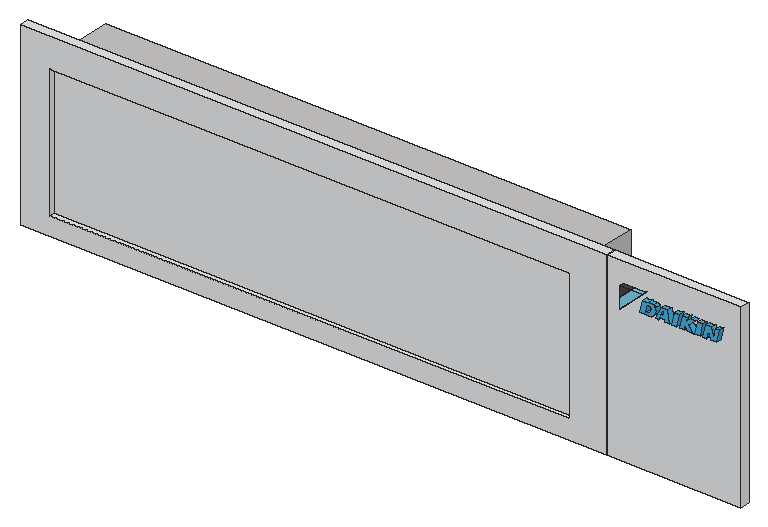
Revit family "outputfile", category 制気口, Revit 2024
Family settings
  丸型コネクタ寸法 = 直径を使用
  パーツ タイプ = 標準
  OmniClass 番号 = 23.75.70.21.27.11
  OmniClass タイトル = Diffusers, Registers, and Grilles
  作業面ベース = いいえ
  常に垂直 = はい
  ロード時にボイドで切り取り = いいえ
  注釈の向きを維持 = いいえ
  共有 = いいえ
  部屋計算ポイント = いいえ
Parameters (values of type "FPRAQ40APVM")
  Description = ""
  製造元 = "Daikin"
  書き出し IFC クラス(タイプ) = "IfcAirTerminalType"
  Default Elevation = 0 mm
  定義済み IFC タイプ(タイプ) = "GRILLE"
  Cost = 0
  モデル = "FPRAQ40APVM"
  Type Comments = ""
  Keynote = ""
  Type Image = (empty or 0)
  Assembly Code = ""
  Width = 722 mm
  Version = "ver.1.0"
  Unit Type = "Moisture Control 3D Air Flow Ceiling Mounted Duct Type"
  Unit Designation [instance] = ""
  Uniclass2015Version = "Products v1.35"
  Uniclass2015Title = "Air grilles"
  Uniclass2015Code = "Pr_70_65_04_03"
  URL = ""
  Series = "VRV Fan Coil Unit"
  SA Duct Size Width = 456 mm
  SA Duct Size Height = 141 mm
  Material_Grille = DAIKIN_FreshWhite_Panel_indoorunit
  IfcVersion = ""
  IfcExportType = "GRILLE"
  IfcExportAs = "IfcAirTerminalType"
  Height = 180 mm
  FCU Tag No. [instance] = ""
  Design Supply Airflow [instance] = 0.00 m³/h
  Depth = 70 mm
Reference planes
  plane 1 "Center (Front/Back)": y = 0
  plane 2: z = 90
  plane 3 "Center (Left/Right)": x = 10
  plane 4: x = 371
  plane 5: x = 237
  plane 6: x = -351
  plane 7: z = -90
  plane 8: z = -90
  plane 9: z = -75
  plane 10: x = 304
  plane 11: x = -321
  plane 12 "Center (Elevation)": z = 0
  plane 13: y = -10
  plane 14: y = -5
  plane 15: y = 60
  plane 16: z = 70.5
  plane 17: x = 205
  plane 18: z = 60
  plane 19: z = -23
  plane 20: z = -70.5
  plane 21: x = 308.5
  plane 22: x = 268
  plane 23: x = -58
Forms (mm)
  Extrusion 1, solid, material "DAIKIN_FreshWhite_Panel_indoorunit" <- "Material_Grille"
    sketch origin (10, 0, 0) x (0, 1, 0) y (0, 0, 1)
      loop
        line (0, 90) -> (-10, 90) -> (-10, -90) -> (0, -90) -> (0, 90)
    from 227 to 361
  Extrusion 2, solid, material "DAIKIN_FreshWhite_Panel_indoorunit" <- "Material_Grille"
    sketch origin (10, 0, 0) x (0, 1, 0) y (0, 0, 1)
      loop
        line (-10, 90) -> (-10, -90) -> (0, -90) -> (0, 90) -> (-10, 90)
    from -361 to 227
  Extrusion 3, void
    sketch origin (0, 0, 0) x (1, 0, 0) y (0, 0, 1)
      loop
        line (-321, 61) -> (-321, -70.5) -> (200.5, -70.5) -> (200.5, 61) -> (-321, 61)
    from 10 to 5
  Extrusion 4, solid, material "DAIKIN_GalvanizedSteel_Casing_indoorunit"
    sketch origin (0, 0, 0) x (1, 0, 0) y (0, 1, 0)
      loop
        line (-321, 60) -> (-321, 0) -> (205, 0) -> (205, 60) -> (-321, 60)
    from -70.5 to 70.5
  Extrusion 5, solid, material "DAIKIN_GalvanizedSteel_Casing_indoorunit"
    sketch origin (0, 0, 0) x (1, 0, 0) y (0, 1, 0)
      loop
        line (283.049, 33) -> (269.7, 19.651) -> (269.7, 0) -> (338.3, 0) -> (338.3, 33) -> (283.049, 33)
    from -23 to 60
Cuts and joins
  Extrusion 3 cuts Extrusion 2
  Extrusion 3 cuts Extrusion 1
Dimensions and locks
  locked: plane 2 to plane 7 at 180
  locked: plane 2 to Extrusion 3 sketch curve at 29
  locked: plane 2 to plane 9 at 165
  locked: plane 4 to plane 5 at 134
  locked: plane 11 to plane 6 at 30
  locked: plane 13 to plane 1 "Center (Front/Back)" at 10
  equal spacing: plane 13, plane 14, plane 1 "Center (Front/Back)"
  plane 6 to plane 3 "Center (Left/Right)" = 361 mm
  equal spacing: plane 4, plane 10, plane 5
  locked: plane 2 to plane 16 at 19.5
  locked: plane 17 to plane 4 at 166
  equal spacing: Extrusion 5 sketch curve, plane 10, Extrusion 5 sketch curve
  locked: Extrusion 5 sketch curve to Extrusion 5 sketch curve at 68.6
  locked: plane 1 "Center (Front/Back)" to Extrusion 5 sketch curve at 33
  plane 2 to plane 18 = 30 mm  (x2)
  locked: plane 19 to plane 8 at 67
  locked: plane 20 to plane 8 at 19.5
  "Width": plane 6 to plane 4
  "Depth": plane 15 to plane 13
  "Height": plane 2 to plane 8
  locked: plane 4 to plane 21 at 62.5
  locked: plane 22 to plane 5 at 31
  equal spacing: plane 17, plane 23, plane 11
  equal spacing: plane 4, plane 3 "Center (Left/Right)", plane 6
  aligned and locked: Extrusion 1 to plane 5
  aligned and locked: plane 4 to Extrusion 1
  aligned and locked: plane 7 to Extrusion 2 sketch curve
  aligned and locked: Extrusion 2 to Extrusion 1
  aligned and locked: Extrusion 2 to plane 6
  aligned and locked: Extrusion 3 to plane 11
  aligned and locked: Extrusion 1 sketch curve to plane 2
  aligned and locked: plane 2 to Extrusion 2 sketch curve
  aligned and locked: level to plane 12 "Center (Elevation)"
  aligned and locked: Extrusion 1 sketch curve to plane 1 "Center (Front/Back)"
  aligned and locked: plane 1 "Center (Front/Back)" to Extrusion 4 sketch curve
  aligned and locked: plane 14 to Extrusion 3
  aligned and locked: plane 1 "Center (Front/Back)" to Extrusion 2 sketch curve
  aligned and locked: plane 13 to Extrusion 2 sketch curve
  aligned and locked: Extrusion 2 to Extrusion 3
  aligned and locked: plane 13 to Extrusion 1 sketch curve
  aligned and locked: plane 15 to Extrusion 4
  aligned and locked: Extrusion 4 to cut or joined group of Extrusion 2, Extrusion 3
  aligned and locked: nested 1 to plane 16
  aligned and locked: plane 10 to nested 1
  aligned and locked: nested 1 to plane 13
  aligned and locked: plane 17 to Extrusion 4
  aligned and locked: Extrusion 5 sketch curve to plane 1 "Center (Front/Back)"
  aligned and locked: plane 18 to Extrusion 5
  aligned and locked: Extrusion 5 to plane 19
  aligned and locked: Extrusion 4 to plane 20
  aligned and locked: Extrusion 3 to Extrusion 4
  aligned and locked: Extrusion 4 to plane 16
  aligned and locked: Extrusion 1 sketch curve to plane 8
Automatic sketch dimensions
  plane 6 to Extrusion 3 sketch curve = 30 mm
  Extrusion 3 sketch curve to plane 5 = 36.5 mm
  Extrusion 4 sketch curve to plane 10 = 99 mm
  Extrusion 4 sketch curve to plane 11 = 0 mm
  Extrusion 4 sketch curve to plane 1 "Center (Front/Back)" = 60 mm
  Extrusion 5 sketch curve to Extrusion 5 sketch curve = 13.349 mm  (x2)
  plane 20 to Extrusion 3 sketch curve = 0 mm
Nested families
  nested 1: "daikin_logo_elevation_w100" at (319, -10, 45.5), type "daikin_logo_elevation_w100"
    with show_logo yes
Connectors
  hvac at (-58, 60, 0), driven by "SA Duct Size Height", driven by "SA Duct Size Width", driven by "Design Supply Airflow"
    settings: on Extrusion 4, index 1, duct flow 0.00 m³/h, flow factor 0, pres drop 0.0 Pa, loss coef 0, conn angle 0.00°, conn width 456.0 mm, conn height 141.0 mm, conn diameter 609.6 mm, duct sys type 1, conn prof type 1, flow config 1, flow direction 1, loss method 4, conn ref index -1, conn util no, is conn primary yes, conn desc "SA Duct"
Definition of nested family "daikin_logo_elevation_w100"
  Parameters (values of type "daikin_logo_elevation_w100")
    width = 100 mm
    show_logo [instance] = yes
    material = none
    height = 25 mm
    depth = 5 mm
    Default Elevation = 0 mm
  Reference planes
    plane 1 "Center (Front/Back)": y = 0
    plane 2: z = 0
    plane 3 "Center (Left/Right)": x = -15
    plane 4 "left": x = -65
    plane 5 "right": x = 35
    plane 6: y = -5
    plane 7: z = 25
  Forms (mm)
    Extrusion 1, solid
      sketch origin (0, 0, 0) x (1, 0, 0) y (0, 0, 1)
        loop
          line (-65, 25) -> (-65, 14.753) -> (-53.814, 25) -> (-65, 25)
      from 0 to 5
    Extrusion 2, solid
      sketch origin (0, 0, 0) x (1, 0, 0) y (0, 0, 1)
        loop
          line (-42.019, 25) -> (-53.814, 25) -> (-65, 14.753) -> (-65, 3.87) -> (-42.019, 25)
      from 0 to 5
    Extrusion 3, solid
      sketch origin (0, 0, 0) x (1, 0, 0) y (0, 0, 1)
        loop
          line (-35.602, 20.041) -> (-41.486, 20.041) -> (-44.428, 8.274) -> (-35.602, 8.274)
          arc (-35.602, 8.274) -> (-32.105, 8.983) -> (-29.415, 11.329) r 6.978
          arc (-29.415, 11.329) -> (-28.233, 14.382) -> (-28.637, 17.63) r 6.701
          arc (-28.637, 17.63) -> (-29.469, 18.814) -> (-30.709, 19.559) r 3.49
          arc (-30.709, 19.559) -> (-33.138, 19.976) -> (-35.602, 20.041) r 17.114
        loop
          line (-38.544, 10.627) -> (-36.191, 10.627)
          arc (-36.191, 10.627) -> (-34.383, 11.838) -> (-33.335, 13.745) r 4.6
          arc (-33.335, 13.745) -> (-33.193, 15.202) -> (-33.538, 16.625) r 4.404
          arc (-33.538, 16.625) -> (-34.051, 17.128) -> (-34.72, 17.393) r 1.818
          line (-34.72, 17.393) -> (-37.073, 17.393) -> (-38.544, 10.627)
        loop
          line (-29.13, 8.274) -> (-25.894, 8.274) -> (-24.791, 10.333) -> (-20.158, 10.333) -> (-19.717, 8.274) -> (-14.422, 8.274) -> (-16.775, 20.041) -> (-22.659, 20.041) -> (-29.13, 8.274)
        loop
          line (-23.373, 12.98) -> (-20.725, 12.98) -> (-21.482, 16.511) -> (-23.373, 12.98)
        loop
          line (-10.009, 20.041) -> (-12.951, 8.274) -> (-7.95, 8.274) -> (-5.008, 20.041) -> (-10.009, 20.041)
        loop
          line (-5.008, 8.274) -> (-0.007, 8.274) -> (0.792, 11.472) -> (3.229, 8.274) -> (9.407, 8.274) -> (4.7, 14.451) -> (11.466, 20.041) -> (6.171, 20.041) -> (2.093, 16.672) -> (2.935, 20.041) -> (-2.066, 20.041) -> (-5.008, 8.274)
        loop
          line (10.583, 8.274) -> (15.879, 8.274) -> (18.82, 20.041) -> (13.819, 20.041) -> (10.583, 8.274)
        loop
          line (18.82, 8.274) -> (22.35, 8.274) -> (24.013, 14.925) -> (26.175, 8.274) -> (32.058, 8.274) -> (35, 20.041) -> (31.47, 20.041) -> (29.679, 12.878) -> (27.351, 20.041) -> (21.762, 20.041) -> (18.82, 8.274)
      from 0 to 5
  Lines and regions (mm)
    model lines
      curve 1: line (-42.019, 0, 25) -> (-52.024, 0, 25)
      curve 2: line (-52.024, 0, 25) -> (-65, 0, 13.114)
      curve 3: line (-65, 0, 13.114) -> (-65, 0, 3.87)
      curve 4: line (-65, 0, 3.87) -> (-42.019, 0, 25)
      curve 5: line (-65, 0, 14.753) -> (-65, 0, 25)
      curve 6: line (-65, 0, 25) -> (-53.814, 0, 25)
      curve 7: line (-53.814, 0, 25) -> (-65, 0, 14.753)
      curve 8: line (-20.725, 0, 12.98) -> (-23.373, 0, 12.98)
      curve 9: line (-23.373, 0, 12.98) -> (-21.482, 0, 16.511)
      curve 10: line (-21.482, 0, 16.511) -> (-20.725, 0, 12.98)
      curve 11: line (-19.717, 0, 8.274) -> (-20.158, 0, 10.333)
      curve 12: line (-20.158, 0, 10.333) -> (-24.791, 0, 10.333)
      curve 13: line (-24.791, 0, 10.333) -> (-25.894, 0, 8.274)
      curve 14: line (-25.894, 0, 8.274) -> (-29.13, 0, 8.274)
      curve 15: line (-29.13, 0, 8.274) -> (-22.659, 0, 20.041)
      curve 16: line (-22.659, 0, 20.041) -> (-16.775, 0, 20.041)
      curve 17: line (-36.191, 0, 10.627) -> (-38.544, 0, 10.627)
      curve 18: line (-38.544, 0, 10.627) -> (-37.073, 0, 17.393)
      curve 19: line (-37.073, 0, 17.393) -> (-34.72, 0, 17.393)
      curve 20: line (-5.008, 0, 20.041) -> (-10.009, 0, 20.041)
      curve 21: line (-10.009, 0, 20.041) -> (-12.951, 0, 8.274)
      curve 22: line (-12.951, 0, 8.274) -> (-7.95, 0, 8.274)
      curve 23: line (-7.95, 0, 8.274) -> (-5.008, 0, 20.041)
      curve 24: line (24.013, 0, 14.925) -> (22.35, 0, 8.274)
      curve 25: line (22.35, 0, 8.274) -> (18.82, 0, 8.274)
      curve 26: line (18.82, 0, 8.274) -> (21.762, 0, 20.041)
      curve 27: line (21.762, 0, 20.041) -> (27.351, 0, 20.041)
      curve 28: line (27.351, 0, 20.041) -> (29.679, 0, 12.878)
      curve 29: line (29.679, 0, 12.878) -> (31.47, 0, 20.041)
      curve 30: line (31.47, 0, 20.041) -> (35, 0, 20.041)
      curve 31: line (35, 0, 20.041) -> (32.058, 0, 8.274)
      curve 32: line (32.058, 0, 8.274) -> (26.175, 0, 8.274)
      curve 33: line (26.175, 0, 8.274) -> (24.013, 0, 14.925)
      curve 34: line (-16.775, 0, 20.041) -> (-14.422, 0, 8.274)
      curve 35: line (-14.422, 0, 8.274) -> (-19.717, 0, 8.274)
      curve 36: line (-35.602, 0, 20.041) -> (-41.486, 0, 20.041)
      curve 37: line (-41.486, 0, 20.041) -> (-44.428, 0, 8.274)
      curve 38: line (-44.428, 0, 8.274) -> (-35.602, 0, 8.274)
      curve 39: line (10.583, 0, 8.274) -> (15.879, 0, 8.274)
      curve 40: line (15.879, 0, 8.274) -> (18.82, 0, 20.041)
      curve 41: line (18.82, 0, 20.041) -> (13.819, 0, 20.041)
      curve 42: line (13.819, 0, 20.041) -> (10.583, 0, 8.274)
      curve 43: line (3.229, 0, 8.274) -> (0.792, 0, 11.472)
      curve 44: line (0.792, 0, 11.472) -> (-0.007, 0, 8.274)
      curve 45: line (-0.007, 0, 8.274) -> (-5.008, 0, 8.274)
      curve 46: line (-5.008, 0, 8.274) -> (-2.066, 0, 20.041)
      curve 47: line (-2.066, 0, 20.041) -> (2.935, 0, 20.041)
      curve 48: line (2.935, 0, 20.041) -> (2.093, 0, 16.672)
      curve 49: line (2.093, 0, 16.672) -> (6.171, 0, 20.041)
      curve 50: line (6.171, 0, 20.041) -> (11.466, 0, 20.041)
      curve 51: line (11.466, 0, 20.041) -> (4.7, 0, 14.451)
      curve 52: line (4.7, 0, 14.451) -> (9.407, 0, 8.274)
      curve 53: line (9.407, 0, 8.274) -> (3.229, 0, 8.274)
      curve 54: arc (-36.191, 0, 10.627) -> (-34.383, 0, 11.838) -> (-33.335, 0, 13.745) r 4.6
      curve 55: arc (-33.335, 0, 13.745) -> (-33.193, 0, 15.202) -> (-33.538, 0, 16.625) r 4.404
      curve 56: arc (-33.538, 0, 16.625) -> (-34.051, 0, 17.128) -> (-34.72, 0, 17.393) r 1.818
      curve 57: arc (-35.602, 0, 8.274) -> (-32.105, 0, 8.983) -> (-29.415, 0, 11.329) r 6.978
      curve 58: arc (-29.415, 0, 11.329) -> (-28.233, 0, 14.382) -> (-28.637, 0, 17.63) r 6.701
      curve 59: arc (-28.637, 0, 17.63) -> (-29.469, 0, 18.814) -> (-30.709, 0, 19.559) r 3.49
      curve 60: arc (-30.709, 0, 19.559) -> (-33.138, 0, 19.976) -> (-35.602, 0, 20.041) r 17.114
  Dimensions and locks
    "width": plane 4 "left" to plane 5 "right"
    "depth": plane 6 to plane 1 "Center (Front/Back)"
    equal spacing: plane 4 "left", plane 3 "Center (Left/Right)", plane 5 "right"
    "height": plane 7 to plane 2
    aligned and locked: level to plane 2
    aligned and locked: Extrusion 1 sketch curve to plane 4 "left"
    aligned and locked: Extrusion 1 sketch curve to plane 7
    aligned and locked: plane 7 to Extrusion 2 sketch curve
    aligned and locked: plane 4 "left" to Extrusion 2 sketch curve
    aligned and locked: Extrusion 3 to plane 6
    aligned and locked: Extrusion 1 to plane 6
    aligned and locked: Extrusion 2 to plane 6
  Automatic sketch dimensions
    plane 4 "left" to curve 5 = 0 mm
    plane 4 "left" to curve 2 = 0 mm
    curve 30 to plane 5 "right" = 0 mm
    curve 5 to curve 6 = 11.186 mm
    curve 6 to curve 2 = 1.79 mm
    curve 2 to curve 37 = 7.597 mm
    curve 2 to curve 1 = 10.005 mm
    curve 1 to curve 37 = 0.534 mm
    curve 37 to curve 18 = 5.884 mm
    curve 17 to curve 54 = 0.769 mm
    curve 54 to curve 55 = 0.188 mm
    curve 54 to curve 19 = 0.702 mm
    curve 17 to curve 17 = 2.353 mm
    curve 18 to curve 36 = 1.471 mm
    curve 17 to curve 38 = 0.588 mm
    curve 55 to curve 57 = 2.392 mm
    curve 57 to curve 56 = 0.152 mm
    curve 57 to curve 58 = 0.311 mm
    curve 57 to curve 60 = 0.787 mm
    curve 56 to curve 19 = 0.322 mm
    curve 19 to curve 59 = 2.873 mm
    curve 57 to curve 15 = 6.472 mm
    curve 14 to curve 13 = 3.236 mm
    curve 13 to curve 13 = 1.103 mm
    curve 12 to curve 8 = 1.418 mm
    curve 8 to curve 16 = 0.714 mm
    curve 15 to curve 10 = 1.177 mm
    curve 8 to curve 10 = 2.648 mm
    curve 8 to curve 12 = 0.567 mm
    curve 11 to curve 35 = 0.441 mm
    curve 16 to plane 3 "Center (Left/Right)" = 1.775 mm
    plane 3 "Center (Left/Right)" to curve 35 = 0.578 mm
    curve 34 to curve 21 = 1.471 mm
    plane 3 "Center (Left/Right)" to curve 21 = 4.991 mm
    curve 21 to curve 23 = 5.001 mm
    curve 20 to curve 23 = 5.001 mm
    curve 22 to curve 45 = 2.942 mm
    curve 20 to curve 47 = 2.942 mm
    curve 45 to curve 44 = 5.001 mm
    curve 44 to curve 44 = 0.799 mm
    curve 46 to curve 49 = 4.159 mm
    curve 49 to curve 48 = 0.842 mm
    curve 44 to curve 53 = 3.236 mm
    curve 48 to curve 52 = 2.607 mm
    curve 47 to curve 49 = 3.236 mm
    curve 43 to curve 53 = 6.178 mm
    curve 52 to curve 39 = 1.177 mm
    curve 49 to curve 51 = 5.295 mm
    curve 50 to curve 41 = 2.353 mm
    curve 39 to curve 39 = 5.295 mm
    curve 41 to curve 40 = 5.001 mm
    curve 39 to curve 25 = 2.942 mm
    curve 40 to curve 26 = 2.942 mm
    curve 25 to curve 24 = 3.53 mm
    curve 26 to curve 33 = 2.251 mm
    curve 24 to curve 33 = 3.824 mm
    curve 26 to curve 27 = 5.589 mm
    curve 29 to plane 5 "right" = 5.321 mm
    curve 29 to curve 30 = 3.53 mm
    curve 31 to plane 5 "right" = 2.942 mm
    curve 60 to plane 7 = 22.055 mm
    curve 60 to curve 3 = 0.925 mm
    curve 60 to curve 37 = 5.329 mm
    curve 60 to curve 34 = 5.329 mm
    curve 32 to curve 34 = 0 mm
    curve 39 to curve 32 = 0 mm
    curve 43 to curve 39 = 0 mm
    curve 26 to curve 39 = 0 mm
    curve 23 to curve 34 = 0 mm
    curve 13 to curve 11 = 0 mm
    curve 44 to curve 43 = 0 mm
    curve 11 to curve 11 = 2.059 mm
    curve 38 to curve 17 = 2.353 mm
    curve 44 to curve 43 = 3.198 mm
    curve 31 to curve 29 = 4.604 mm
    curve 12 to curve 8 = 2.648 mm
    curve 4 to curve 2 = 9.244 mm
    curve 43 to curve 51 = 2.98 mm
    curve 2 to curve 5 = 1.639 mm
    curve 17 to curve 55 = 4.265 mm
    curve 28 to curve 24 = 2.046 mm
    curve 55 to curve 54 = 0.053 mm
    curve 55 to curve 58 = 0.311 mm
    curve 58 to curve 57 = 0.037 mm
    curve 57 to curve 56 = 0.364 mm
    curve 58 to curve 59 = 1.057 mm
    curve 8 to curve 9 = 3.53 mm
    curve 51 to curve 48 = 2.22 mm
    curve 54 to curve 18 = 2.447 mm
    curve 22 to curve 21 = 11.767 mm
    curve 46 to curve 20 = 0 mm
    curve 24 to curve 26 = 5.116 mm
    curve 49 to curve 47 = 0 mm
    curve 42 to curve 50 = 0 mm
    curve 9 to curve 16 = 3.53 mm
    curve 29 to curve 27 = 0 mm
    curve 18 to curve 37 = 2.648 mm
    curve 36 to curve 6 = 4.959 mm
    curve 36 to curve 4 = 4.959 mm
    curve 19 to curve 55 = 1.182 mm
    curve 59 to curve 60 = 1.138 mm
    curve 58 to curve 14 = 0.285 mm
    Extrusion 1 sketch curve to plane 4 "left" = 11.186 mm
    Extrusion 1 sketch curve to plane 7 = 10.247 mm
    Extrusion 2 sketch curve to plane 4 "left" = 22.981 mm
    Extrusion 2 sketch curve to plane 7 = 10.247 mm
    level to Extrusion 2 sketch curve = 3.87 mm
    Extrusion 2 sketch curve to plane 4 "left" = 11.186 mm
    Extrusion 3 sketch curve to plane 7 = 4.959 mm  (x5)
    Extrusion 3 sketch curve to plane 3 "Center (Left/Right)" = 20.602 mm
    level to Extrusion 3 sketch curve = 2.945 mm
    Extrusion 3 sketch curve to Extrusion 3 sketch curve = 0.787 mm  (x2)
    Extrusion 3 sketch curve to Extrusion 3 sketch curve = 5.884 mm
    Extrusion 3 sketch curve to Extrusion 3 sketch curve = 4.894 mm
    Extrusion 3 sketch curve to Extrusion 3 sketch curve = 1.138 mm
    Extrusion 3 sketch curve to Extrusion 3 sketch curve = 3.299 mm
    Extrusion 3 sketch curve to Extrusion 3 sketch curve = 2.072 mm
    Extrusion 3 sketch curve to Extrusion 3 sketch curve = 3.036 mm
    Extrusion 3 sketch curve to Extrusion 3 sketch curve = 1.057 mm
    Extrusion 3 sketch curve to Extrusion 3 sketch curve = 2.432 mm
    Extrusion 3 sketch curve to Extrusion 3 sketch curve = 0.311 mm
    Extrusion 3 sketch curve to Extrusion 3 sketch curve = 0.037 mm
    Extrusion 3 sketch curve to Extrusion 3 sketch curve = 8.825 mm
    Extrusion 3 sketch curve to plane 7 = 7.607 mm
    Extrusion 3 sketch curve to Extrusion 3 sketch curve = 1.879 mm
    Extrusion 3 sketch curve to Extrusion 3 sketch curve = 2.942 mm  (x5)
    Extrusion 3 sketch curve to Extrusion 3 sketch curve = 0.163 mm
    Extrusion 3 sketch curve to Extrusion 3 sketch curve = 0.152 mm
    Extrusion 3 sketch curve to Extrusion 3 sketch curve = 0.364 mm
    Extrusion 3 sketch curve to Extrusion 3 sketch curve = 1.182 mm
    Extrusion 3 sketch curve to Extrusion 3 sketch curve = 2.392 mm
    Extrusion 3 sketch curve to Extrusion 3 sketch curve = 0.348 mm
    Extrusion 3 sketch curve to Extrusion 3 sketch curve = 1.548 mm
    Extrusion 3 sketch curve to Extrusion 3 sketch curve = 0.188 mm
    Extrusion 3 sketch curve to Extrusion 3 sketch curve = 0.053 mm
    Extrusion 3 sketch curve to Extrusion 3 sketch curve = 2.353 mm  (x2)
    Extrusion 3 sketch curve to Extrusion 3 sketch curve = 5.979 mm
    Extrusion 3 sketch curve to Extrusion 3 sketch curve = 0.285 mm
    Extrusion 3 sketch curve to plane 3 "Center (Left/Right)" = 1.775 mm
    Extrusion 3 sketch curve to Extrusion 3 sketch curve = 3.056 mm
    plane 3 "Center (Left/Right)" to Extrusion 3 sketch curve = 0.578 mm
    Extrusion 3 sketch curve to plane 3 "Center (Left/Right)" = 4.717 mm
    Extrusion 3 sketch curve to Extrusion 3 sketch curve = 0.441 mm
    Extrusion 3 sketch curve to Extrusion 3 sketch curve = 2.059 mm  (x2)
    Extrusion 3 sketch curve to Extrusion 3 sketch curve = 4.633 mm
    Extrusion 3 sketch curve to Extrusion 3 sketch curve = 1.103 mm
    Extrusion 3 sketch curve to Extrusion 3 sketch curve = 1.177 mm  (x2)
    Extrusion 3 sketch curve to Extrusion 3 sketch curve = 3.53 mm  (x2)
    Extrusion 3 sketch curve to Extrusion 3 sketch curve = 1.418 mm
    Extrusion 3 sketch curve to Extrusion 3 sketch curve = 2.648 mm  (x2)
    plane 3 "Center (Left/Right)" to Extrusion 3 sketch curve = 4.991 mm
    Extrusion 3 sketch curve to Extrusion 3 sketch curve = 1.471 mm
    Extrusion 3 sketch curve to Extrusion 3 sketch curve = 5.001 mm  (x4)
    Extrusion 3 sketch curve to Extrusion 3 sketch curve = 0 mm  (x8)
    Extrusion 3 sketch curve to plane 7 = 8.328 mm
    Extrusion 3 sketch curve to Extrusion 3 sketch curve = 0.842 mm
    Extrusion 3 sketch curve to Extrusion 3 sketch curve = 3.236 mm  (x2)
    Extrusion 3 sketch curve to Extrusion 3 sketch curve = 5.295 mm  (x2)
    Extrusion 3 sketch curve to Extrusion 3 sketch curve = 2.607 mm
    Extrusion 3 sketch curve to Extrusion 3 sketch curve = 2.22 mm
    Extrusion 3 sketch curve to Extrusion 3 sketch curve = 4.707 mm
    Extrusion 3 sketch curve to Extrusion 3 sketch curve = 6.178 mm
    Extrusion 3 sketch curve to Extrusion 3 sketch curve = 2.436 mm
    Extrusion 3 sketch curve to Extrusion 3 sketch curve = 3.198 mm
    Extrusion 3 sketch curve to Extrusion 3 sketch curve = 5.589 mm
    Extrusion 3 sketch curve to plane 5 "right" = 5.321 mm
    Extrusion 3 sketch curve to Extrusion 3 sketch curve = 7.163 mm
    Extrusion 3 sketch curve to plane 5 "right" = 3.53 mm
    Extrusion 3 sketch curve to plane 5 "right" = 0 mm
    Extrusion 3 sketch curve to plane 5 "right" = 2.942 mm
    Extrusion 3 sketch curve to Extrusion 3 sketch curve = 4.604 mm
    Extrusion 3 sketch curve to Extrusion 3 sketch curve = 3.504 mm
    Extrusion 3 sketch curve to Extrusion 3 sketch curve = 2.251 mm
    Extrusion 3 sketch curve to Extrusion 3 sketch curve = 5.116 mm
